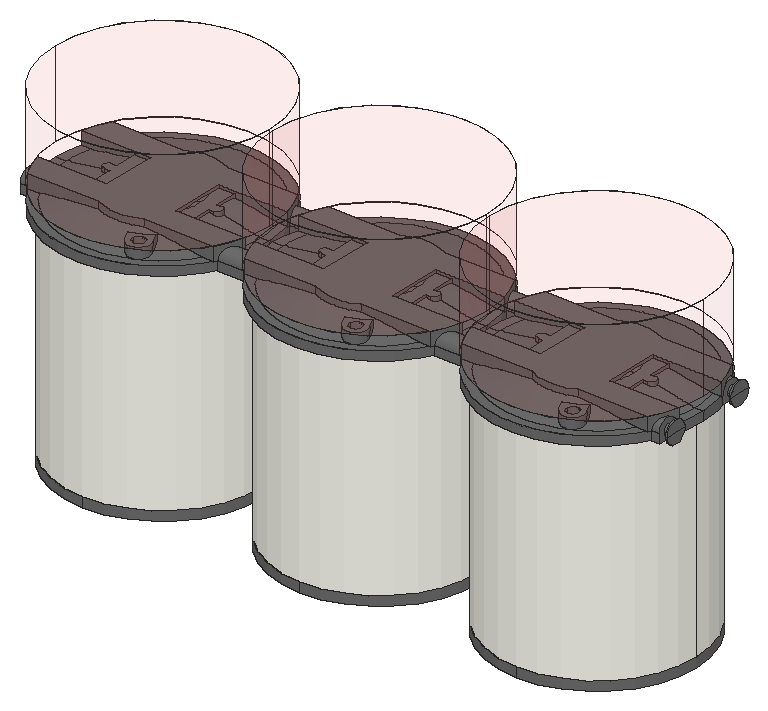
Revit family
Parameters (values of type "1500CSF")
  Watermarked By = "http://revitwatermark.com"
  Water_Ice Tank Volume = "4965 Gallons"
  Warning = "Ice tanks are a component in an ice storage system including chillers, pumps, and controls. Contact CALMAC for IceBank® selection support to make sure all system components will work together properly."
  URL = "http://www.calmac.com/"
  Total Cooling Capacity [instance] = 0.0 ton
  Tank Net Usable Capacity = "486 Ton-Hrs"
  Is Tank 3 Lid Visible = not(CTRL Off)  # yes
  Is Tank 3 Front Right Connector Visible = not(CTRL Off)  # yes
  Is Tank 3 Front Left Connector Visible = not(CTRL On)  # no
  Is Tank 3 Back Right Connector Visible = not(CTRL Off)  # yes
  Is Tank 3 Back Left Connector Visible = not(CTRL On)  # no
  Is Tank 2 Lid Visible = not(CTRL Off)  # yes
  Is Tank 2 Front Right Connector Visible = not(CTRL Off)  # yes
  Is Tank 2 Front Left Connector Visible = not(CTRL Off)  # yes
  Is Tank 2 Back Right Connector Visible = not(CTRL Off)  # yes
  Is Tank 2 Back Left Connector Visible = not(CTRL Off)  # yes
  Is Tank 1 Front Right Connector Visible = not(CTRL Off)  # yes
  Is Tank 1 Front Left Connector Visible = not(CTRL Off)  # yes
  Is Tank 1 Back Right Connector Visible = not(CTRL Off)  # yes
  Is Tank 1 Back Left Connector Visible = not(CTRL Off)  # yes
  Surface Finish = Plastic- Calmac- Black
  Supply Coolant Temperature [instance] = -459.67 °F
  Storage Inlet Temperature [instance] = 60 °F
  Shipping Weight = 6000.00 lbf
  Return Coolant Temperature [instance] = -459.67 °F
  Requires Plate Heat Exchanger [instance] = no
  Project/Customer = ""
  Product Page URL = "http://www.calmac.com/products/icebank.asp"
  Product Documentation Link = "http://www.calmac.com/products/documents/CS-52Model1500CSFAug2007.pdf"
  Pressure Drop [instance] = 0.00 psi
  Precool Hours [instance] = 0
  Pipe Material = Plastic- Calmac- Black
  Operating Weight = 50600.00 lbf
  Occupied Hours [instance] = 0
  Model = "1500C"
  Maximum Operating Temperature = "38°C"
  Maximum Operating Pressure = "620 kPa"
  Manufacturer e-mail = "info@Calmac.com"
  Manufacturer Contact Details = "CALMAC Manufacturing Corporation Headquarters, 3-00 Banta Place, Fair Lawn, NJ  07410, Tel: (201) 797-1511, Fax: (201) 797-1522"
  Manufacturer = "CALMAC Manufacturing Corp."  # constant formula
  Main Use [instance] = ""
  Location [instance] = ""
  Lid Diameter = 89"  # constant formula
  Leg 4 = 224"  # constant formula
  Leg 3 = 180"  # constant formula
  Leg 2 = 90"  # constant formula
  Leg 1 = 46"  # constant formula
  Latent Cooling Capacity [instance] = 0.0 ton
  Inlet Outlet Center Height = 96 1/2"  # constant formula
  Heat Exchanger Volume = "472 Gallons"
  Has Rigging Bar [instance] = no
  Has Plate and Frame Heat Exchanger [instance] = no
  Has Ice Inventory Meter [instance] = no
  Has Heat Transfer Fluid [instance] = no
  Has Glycol Management System [instance] = no
  Floor Loading Weight = "391 lb/sq.ft."
  Factory Tested Pressure = "1724 kPa"
  Diversity Factor [instance] = 0
  Discharge Rate [instance] = 0
  Discharge Hours [instance] = 0
  Description = "Off-Peak Cooling System"
  Is Clearance Box Visible [instance] = yes
  Clearance Box Height = 36"
  City/State [instance] = ""
  CTRL On = yes
  CTRL Off = not(CTRL On)  # no
  CTRL Hydronic Supply Description = "Hydronic Supply"  # constant formula
  CTRL Hydronic Return Description = "Hydronic Return"  # constant formula
  CTRL Base Radius = 41 3/8"  # constant formula
  Body Material = Plastic- Calmac- Off_White
  Has Solid Base [instance] = yes
  Is Tank 3 Visible = not(CTRL Off)  # yes
  Is Tank 2 Visible = not(CTRL Off)  # yes
  Base Height = Inlet Outlet Center Height - 3 3/4"  # 92 3/4"
  Base Finish = Plastic- Calmac- Black
  Assembly Code = "D3030300"
  Actual Chilled Water Flow [instance] = 0 GPM
Reference planes (in)
  plane 1 "Center (Front/Back)": y = 0
  plane 2 "Bottom": z = 0
  plane 3 "Center (Left/Right)": x = 0
  plane 4 "Left 2 Center (L/R)": x = -90
  plane 5 "Tank 3 Center (L/r)": x = -180
  plane 6 "T.O. Base": z = 92.75
  plane 7 "Inlet/Outlet Center (Elevation)": z = 96.5
  plane 8 "Right Connector Face": x = 46
  plane 9 "Tank 3 Left Connector Face": x = -224
  plane 10 "T2-T3": x = -135
  plane 11 "T1-T2": x = -45
  plane 12 "Front Connector Center (F/B)": y = -16.5
  plane 13 "Back Connector Center (F/B)": y = 16.5
  plane 14 "Back": y = 44.5
  plane 15 "Front": y = -44.5
  plane 16 "T.O. Lid": z = 102
  plane 17 "Top": z = 138
  plane 18 "Front of Tank": x = 44
Dimensions and locks (in)
  "Leg 2": plane 4 "Left 2 Center (L/R)" to nested 1
  "Leg 3": plane 5 "Tank 3 Center (L/r)" to nested 1
  locked: plane 7 "Inlet/Outlet Center (Elevation)" to plane 6 "T.O. Base" at 3.75
  "Inlet Outlet Center Height": plane 7 "Inlet/Outlet Center (Elevation)" to plane 2 "Bottom"
  "Leg 1": plane 3 "Center (Left/Right)" to plane 8 "Right Connector Face"
  "Leg 4": plane 9 "Tank 3 Left Connector Face" to plane 3 "Center (Left/Right)"
  locked: plane 1 "Center (Front/Back)" to plane 13 "Back Connector Center (F/B)" at 16.5
  locked: plane 12 "Front Connector Center (F/B)" to plane 1 "Center (Front/Back)" at 16.5
  locked: plane 1 "Center (Front/Back)" to plane 14 "Back" at 44.5
  locked: plane 15 "Front" to plane 1 "Center (Front/Back)" at 44.5
  plane 16 "T.O. Lid" to plane 7 "Inlet/Outlet Center (Elevation)" = 5 1/2"
  "Clearance Box Height": plane 17 "Top" to plane 16 "T.O. Lid"
  plane 9 "Tank 3 Left Connector Face" to plane 8 "Right Connector Face" = 270"
  locked: plane 5 "Tank 3 Center (L/r)" to plane 4 "Left 2 Center (L/R)" at 90
  locked: plane 4 "Left 2 Center (L/R)" to plane 3 "Center (Left/Right)" at 90
  locked: plane 18 "Front of Tank" to plane 8 "Right Connector Face" at 2
  plane 9 "Tank 3 Left Connector Face" to plane 18 "Front of Tank" = 268"
  plane 10 "T2-T3" to plane 4 "Left 2 Center (L/R)" to plane 11 "T1-T2" = 45" locked, 45" locked
  aligned and locked: plane 1 "Center (Front/Back)" to nested 1
  aligned and locked: plane 3 "Center (Left/Right)" to nested 1
  aligned and locked: plane 4 "Left 2 Center (L/R)" to nested 2
  aligned and locked: plane 1 "Center (Front/Back)" to nested 2
  aligned and locked: plane 5 "Tank 3 Center (L/r)" to nested 3
  aligned and locked: plane 1 "Center (Front/Back)" to nested 3
  aligned and locked: plane 6 "T.O. Base" to nested 4
  aligned: plane 5 "Tank 3 Center (L/r)" to nested 4
  aligned and locked: plane 1 "Center (Front/Back)" to nested 4
  aligned and locked: plane 1 "Center (Front/Back)" to nested 5
  aligned and locked: plane 4 "Left 2 Center (L/R)" to nested 5
  aligned and locked: plane 3 "Center (Left/Right)" to nested 6
  aligned and locked: plane 1 "Center (Front/Back)" to nested 6
  aligned and locked: plane 6 "T.O. Base" to nested 6
  aligned and locked: plane 6 "T.O. Base" to nested 5
  aligned: plane 6 "T.O. Base" to nested 3
  aligned and locked: nested 3 to nested 4
  aligned and locked: plane 2 "Bottom" to nested 3
  aligned and locked: plane 2 "Bottom" to nested 2
  aligned and locked: plane 2 "Bottom" to nested 1
  aligned and locked: nested 6 to nested 4
Nested families (in)
  nested 1: "Cooling_Plant_Accessories-Calmac-IceBank-Base" at (0, 0, 0), type "Base"
    with Is Symbolic Line Visible no, Has Solid Base yes, CTRL Inner Wall Radius 40 1/2", CTRL Base Radius 41 3/8", Base Height 92 3/4"
  nested 2: "Cooling_Plant_Accessories-Calmac-IceBank-Base" at (-90, 0, 0), visible <- "Is Tank 2 Visible", type "Base"
    with Is Symbolic Line Visible no, Has Solid Base yes, CTRL Inner Wall Radius 40 1/2", CTRL Base Radius 41 3/8", Base Height 92 3/4"
  nested 3: "Cooling_Plant_Accessories-Calmac-IceBank-Base" at (-180, 0, 0), visible <- "Is Tank 3 Visible", type "Base"
    with Is Symbolic Line Visible no, Has Solid Base yes, CTRL Inner Wall Radius 40 1/2", CTRL Base Radius 41 3/8", Base Height 92 3/4"
  nested 4: "Cooling_Plant_Accessories-Calmac-IceBank-Lid_C" at (-180, 0, 92.75), visible <- "Is Tank 3 Lid Visible", Is Front Right  Flanged Connector Visibility <- "CTRL Off", Is Front Left  Flanged Connector Visibility <- "Is Tank 3 Front Left Connector Visible", Is Clearance Box Visible <- "Is Clearance Box Visible", Is Back Right Flanged Connector Visibility <- "CTRL Off", Is Back Left  Flanged Connector Visibility <- "Is Tank 3 Back Left Connector Visible", Diameter <- "Lid Diameter", Clearance Box Height <- "Clearance Box Height", type "Lid-C"
    with Show Piping Insulation no, Is Front Right  Flanged Connector Visibility no, Is Front Left  Flanged Connector Visibility no, Is Clearance Box Visible yes, Is Back Right Flanged Connector Visibility no, Is Back Left  Flanged Connector Visibility no, Insulation Length Right 42 19/32", Insulation Length Left 42 19/32", Diameter 89", Connections Rear Cooling_Plant_Accessories-Calmac-IceBank-4-Inch Flanged Connection : Flange, Connections Front Cooling_Plant_Accessories-Calmac-IceBank-4-Inch Flanged Connection : No Flange, Clearance Box Height 36", CTRL Radius 44 1/2"
  nested 5: "Cooling_Plant_Accessories-Calmac-IceBank-Lid_C" at (-90, 0, 92.75), visible <- "Is Tank 2 Lid Visible", Clearance Box Height <- "Clearance Box Height", Is Front Right  Flanged Connector Visibility <- "CTRL Off", Is Front Left  Flanged Connector Visibility <- "CTRL Off", Is Clearance Box Visible <- "Is Clearance Box Visible", Is Back Right Flanged Connector Visibility <- "CTRL Off", Is Back Left  Flanged Connector Visibility <- "CTRL Off", Diameter <- "Lid Diameter", type "Lid-C"
    with Show Piping Insulation no, Is Front Right  Flanged Connector Visibility no, Is Front Left  Flanged Connector Visibility no, Is Clearance Box Visible yes, Is Back Right Flanged Connector Visibility no, Is Back Left  Flanged Connector Visibility no, Insulation Length Right 42 19/32", Insulation Length Left 42 19/32", Diameter 89", Connections Rear Cooling_Plant_Accessories-Calmac-IceBank-4-Inch Flanged Connection : No Flange, Connections Front Cooling_Plant_Accessories-Calmac-IceBank-4-Inch Flanged Connection : No Flange, Clearance Box Height 36", CTRL Radius 44 1/2"
  nested 6: "Cooling_Plant_Accessories-Calmac-IceBank-Lid_C" at (0, 0, 92.75), Clearance Box Height <- "Clearance Box Height", Diameter <- "Lid Diameter", Is Front Right  Flanged Connector Visibility <- "Is Tank 1 Front Right Connector Visible", Is Front Left  Flanged Connector Visibility <- "CTRL Off", Is Clearance Box Visible <- "Is Clearance Box Visible", Is Back Right Flanged Connector Visibility <- "Is Tank 1 Back Right Connector Visible", Is Back Left  Flanged Connector Visibility <- "CTRL Off", type "Lid-C"
    with Show Piping Insulation yes, Is Front Right  Flanged Connector Visibility yes, Is Front Left  Flanged Connector Visibility no, Is Clearance Box Visible yes, Is Back Right Flanged Connector Visibility yes, Is Back Left  Flanged Connector Visibility no, Insulation Length Right 42 19/32", Insulation Length Left 222 19/32", Diameter 89", Connections Rear Cooling_Plant_Accessories-Calmac-IceBank-4-Inch Flanged Connection : No Flange, Connections Front Cooling_Plant_Accessories-Calmac-IceBank-4-Inch Flanged Connection : Flange, Clearance Box Height 36", CTRL Radius 44 1/2"
Connectors (in)
  piping at (45.0007, 16.5, 96.5), driven by "CTRL Hydronic Supply Description", driven by "Actual Chilled Water Flow"
    settings: on nested 6, index 1, connector radius 2", flow factor 0, pipe flow 0 GPM, pressure drop 0.00 psi, fitting loss kfactor 0, connector angle 0.00°, fixture units 0, flow configuration 0, flow direction 2, fitting loss method 0, system type 7, connector reference index -1, connector utility 0, adjustable connector no, is connector primary yes, fitting loss table "", connector description "Hydronic Supply"
  piping at (45.0007, -16.5, 96.5), driven by "CTRL Hydronic Return Description", driven by "Actual Chilled Water Flow"
    settings: on nested 6, index 2, connector radius 2", flow factor 0, pipe flow 0 GPM, pressure drop 0.00 psi, fitting loss kfactor 0, connector angle 0.00°, fixture units 0, flow configuration 0, flow direction 1, fitting loss method 0, system type 8, connector reference index -1, connector utility 0, adjustable connector no, is connector primary no, fitting loss table "", connector description "Hydronic Return"
Definition of nested family "Cooling_Plant_Accessories-Calmac-IceBank-Base"
  Parameters (values of type "Base")
    Wall Thickness = 7/8"
    URL = "http://www.calmac.com/"
    Type Comments = ""
    Is Symbolic Line Visible = not(Has Solid Base)  # yes
    Has Solid Base = no
    Model = ""
    Manufacturer = "CALMAC Manufacturing Corp."  # constant formula
    CTRL Inner Wall Radius = CTRL Base Radius - Wall Thickness  # 36"
    CTRL Base Radius = 36 7/8"
    Body Material = Plastic- Calmac- Off_White
    Base Height = 43 5/16"
    Base Finish = Plastic- Calmac- Black
    Assembly Code = "D3030"
  Reference planes (in)
    plane 1 "Center (Front/Back)": y = 0
    plane 2 "Bottom": z = 0
    plane 3 "Center (Left/Right)": x = 0
    plane 4 "Back": y = 36.875
    plane 5 "Front": y = -36.875
    plane 6 "Right": x = 36.875
    plane 7 "Left": x = -36.875
    plane 8 "T.O. Base Plate": z = 4
    plane 9 "Right Edge of Right Void": x = 24.125
    plane 10 "Left Edge of Right Void": x = 13.125
    plane 11 "Left Edge of Left Void": x = -24.125
    plane 12 "Right Edge of Left Void": x = -13.125
    plane 13 "T.O. Base Void": z = 2
    plane 14 "T.O. Base": z = 43.3125
  Forms (in)
    Extrusion 1, solid, material "Plastic- Calmac- Black" <- "Base Finish", visible <- "Is Symbolic Line Visible", detail levels fine
      sketch origin (0, 0, 0) x (1, 0, 0) y (0, 1, 0)
        loop
          circle (0, 0) r 36.875
      from 0 to 4
    Extrusion 2, void
      sketch origin (0, 0, 0) x (1, 0, 0) y (0, 1, 0)
        loop
          line (-24.125, 36.875) -> (-24.125, -36.875) -> (-13.125, -36.875) -> (-13.125, 36.875) -> (-24.125, 36.875)
        loop
          line (13.125, 36.875) -> (13.125, -36.875) -> (24.125, -36.875) -> (24.125, 36.875) -> (13.125, 36.875)
      from 0 to 2
    Extrusion 3, solid, material "Plastic- Calmac- Off_White" <- "Body Material", detail levels fine
      sketch origin (0, 0, 0) x (1, 0, 0) y (0, 1, 0)
        loop
          circle (0, 0) r 36.875
        loop
          circle (0, 0) r 36
      from 4 to 43.3125
    Extrusion 4, solid, material "Plastic- Calmac- Black" <- "Base Finish", visible <- "Has Solid Base", detail levels fine
      sketch origin (0, 0, 43.3125) x (0, -1, 0) y (1, 0, 0)
        loop
          circle (0, 0) r 36.875
      from -43.3125 to -39.3125
  Cuts and joins
    Extrusion 2 cuts Extrusion 3
    Extrusion 2 cuts Extrusion 1
  Lines and regions (in)
    Masking region 1
      outline origin (0, 0, 0) x (1, 0, 0) y (0, 1, 0)
        loop
          circle (0, 0) r 36.875
    Masking region 2
      outline origin (0, 0, 0) x (1, 0, 0) y (0, 0, 1)
        loop
          line (-36.875, 0) -> (36.875, 0) -> (36.875, 43.3125) -> (-36.875, 43.3125) -> (-36.875, 0)
    Masking region 3
      outline origin (0, 0, 0) x (0, 1, 0) y (0, 0, 1)
        loop
          line (-36.875, 0) -> (36.875, 0) -> (36.875, 43.3125) -> (-36.875, 43.3125) -> (-36.875, 0)
    symbolic lines, style "Base", detail levels medium+fine
      curve 1: line (-36.875, 0, 4) -> (36.875, 0, 4)
      curve 8: line (0, -36.875, 4) -> (0, 36.875, 4)
    symbolic lines, style "Base", visible <- "Is Symbolic Line Visible", detail levels medium+fine
      curve 2: line (-24.125, 0, 0) -> (-24.125, 0, 2)
      curve 3: line (-24.125, 0, 2) -> (-13.125, 0, 2)
      curve 4: line (13.125, 0, 2) -> (24.125, 0, 2)
      curve 5: line (13.125, 0, 0) -> (13.125, 0, 2)
      curve 6: line (24.125, 0, 0) -> (24.125, 0, 2)
      curve 7: line (-13.125, 0, 0) -> (-13.125, 0, 2)
    model lines, style "Base", detail levels medium
      curve 9: circle (0, 0, 43.3125) r 36.875 normal (0, 0, 1)
      curve 10: circle (0, 0, 4) r 36.875 normal (0, 0, 1)
      curve 11: circle (0, 0, 0) r 36.875 normal (0, 0, 1)
      curve 12: line (36.875, 0, 0) -> (36.875, 0, 43.3125)
      curve 13: line (-36.875, 0, 0) -> (-36.875, 0, 43.3125)
      curve 14: line (0, -36.875, 0) -> (0, -36.875, 43.3125)
      curve 15: line (0, 36.875, 0) -> (0, 36.875, 43.3125)
    model lines, style "Base", detail levels coarse
      curve 16: line (0, 0, 0) -> (0, 0, 43.3125)
  Dimensions and locks (in)
    locked: plane 7 "Left" to plane 11 "Left Edge of Left Void" at 12.75
    locked: plane 7 "Left" to plane 12 "Right Edge of Left Void" at 23.75
    locked: plane 9 "Right Edge of Right Void" to plane 6 "Right" at 12.75
    locked: plane 10 "Left Edge of Right Void" to plane 6 "Right" at 23.75
    "CTRL Base Radius": plane 7 "Left" to plane 3 "Center (Left/Right)"
    "CTRL Base Radius": plane 3 "Center (Left/Right)" to plane 6 "Right"
    "CTRL Base Radius": plane 1 "Center (Front/Back)" to plane 4 "Back"
    "CTRL Base Radius": plane 5 "Front" to plane 1 "Center (Front/Back)"
    locked: plane 8 "T.O. Base Plate" to plane 2 "Bottom" at 4
    "Base Height": plane 14 "T.O. Base" to plane 2 "Bottom"
    locked: plane 13 "T.O. Base Void" to plane 2 "Bottom" at 2
    "CTRL Base Radius": radius of Extrusion 1 sketch curve
    "CTRL Base Radius": radius of Extrusion 3 sketch curve
    "CTRL Inner Wall Radius": radius of Extrusion 3 sketch curve
    "CTRL Base Radius": radius of Masking region 1 sketch curve
    "CTRL Base Radius": radius of curve 9
    "CTRL Base Radius": radius of curve 10
    "CTRL Base Radius": radius of curve 11
    "CTRL Base Radius": radius of Extrusion 4 sketch curve
    aligned and locked: plane 3 "Center (Left/Right)" to Extrusion 1 sketch curve
    aligned and locked: plane 1 "Center (Front/Back)" to Extrusion 1 sketch curve
    aligned and locked: Extrusion 1 to plane 2 "Bottom"
    aligned and locked: plane 8 "T.O. Base Plate" to Extrusion 1
    aligned and locked: plane 2 "Bottom" to Extrusion 1
    aligned and locked: Extrusion 2 sketch curve to plane 4 "Back"  (x2)
    aligned and locked: Extrusion 2 sketch curve to plane 12 "Right Edge of Left Void"
    aligned and locked: plane 11 "Left Edge of Left Void" to Extrusion 2 sketch curve
    aligned and locked: Extrusion 2 sketch curve to plane 5 "Front"  (x2)
    aligned and locked: Extrusion 2 sketch curve to plane 10 "Left Edge of Right Void"
    aligned and locked: Extrusion 2 sketch curve to plane 9 "Right Edge of Right Void"
    aligned and locked: plane 13 "T.O. Base Void" to Extrusion 2
    aligned and locked: Extrusion 2 to plane 2 "Bottom"
    aligned and locked: Extrusion 2 to plane 5 "Front"
    aligned and locked: plane 4 "Back" to Extrusion 2
    aligned and locked: Extrusion 2 to plane 13 "T.O. Base Void"  (x2)
    aligned and locked: plane 11 "Left Edge of Left Void" to Extrusion 2
    aligned and locked: plane 2 "Bottom" to Extrusion 2  (x2)
    aligned and locked: Extrusion 2 to plane 12 "Right Edge of Left Void"
    aligned and locked: plane 10 "Left Edge of Right Void" to Extrusion 2
    aligned and locked: Extrusion 2 to plane 9 "Right Edge of Right Void"
    aligned and locked: plane 3 "Center (Left/Right)" to Extrusion 3 sketch curve  (x2)
    aligned and locked: plane 1 "Center (Front/Back)" to Extrusion 3 sketch curve  (x2)
    aligned and locked: Extrusion 3 to plane 8 "T.O. Base Plate"
    aligned and locked: plane 14 "T.O. Base" to Extrusion 3
    aligned and locked: plane 3 "Center (Left/Right)" to Masking region 1 sketch curve
    aligned and locked: plane 1 "Center (Front/Back)" to Masking region 1 sketch curve
    aligned and locked: Masking region 2 sketch curve to plane 14 "T.O. Base"
    aligned and locked: plane 6 "Right" to Masking region 2 sketch curve
    aligned and locked: plane 2 "Bottom" to Masking region 2 sketch curve
    aligned and locked: Masking region 2 sketch curve to plane 7 "Left"
    aligned and locked: plane 7 "Left" to curve 1
    aligned and locked: plane 6 "Right" to curve 1
    aligned and locked: curve 1 to plane 8 "T.O. Base Plate"
    aligned and locked: plane 11 "Left Edge of Left Void" to curve 3
    aligned and locked: plane 12 "Right Edge of Left Void" to curve 3
    aligned and locked: curve 3 to plane 13 "T.O. Base Void"
    aligned and locked: plane 2 "Bottom" to curve 2
    aligned and locked: curve 2 to plane 11 "Left Edge of Left Void"
    aligned and locked: plane 10 "Left Edge of Right Void" to curve 4
    aligned and locked: plane 9 "Right Edge of Right Void" to curve 4
    aligned and locked: plane 13 "T.O. Base Void" to curve 5
    aligned and locked: plane 13 "T.O. Base Void" to curve 6
    aligned and locked: plane 2 "Bottom" to curve 5
    aligned and locked: curve 5 to plane 10 "Left Edge of Right Void"
    aligned and locked: curve 6 to plane 9 "Right Edge of Right Void"
    aligned and locked: plane 13 "T.O. Base Void" to curve 7
    aligned and locked: plane 2 "Bottom" to curve 7
    aligned and locked: curve 7 to plane 12 "Right Edge of Left Void"
    aligned and locked: plane 5 "Front" to Masking region 3 sketch curve
    aligned and locked: plane 14 "T.O. Base" to Masking region 3 sketch curve
    aligned and locked: Masking region 3 sketch curve to plane 4 "Back"
    aligned and locked: plane 2 "Bottom" to Masking region 3 sketch curve
    aligned and locked: plane 4 "Back" to curve 8
    aligned and locked: plane 5 "Front" to curve 8
    aligned and locked: curve 8 to plane 8 "T.O. Base Plate"
    aligned and locked: plane 3 "Center (Left/Right)" to curve 9
    aligned and locked: plane 1 "Center (Front/Back)" to curve 9
    aligned and locked: curve 9 to plane 14 "T.O. Base"
    aligned and locked: curve 10 to plane 8 "T.O. Base Plate"
    aligned and locked: plane 3 "Center (Left/Right)" to curve 10
    aligned and locked: plane 1 "Center (Front/Back)" to curve 10
    aligned: curve 11 to plane 2 "Bottom"
    aligned and locked: plane 3 "Center (Left/Right)" to curve 11
    aligned and locked: plane 1 "Center (Front/Back)" to curve 11
    aligned and locked: plane 14 "T.O. Base" to curve 12
    aligned and locked: plane 14 "T.O. Base" to curve 13
    aligned and locked: plane 2 "Bottom" to curve 12
    aligned and locked: plane 2 "Bottom" to curve 13
    aligned and locked: curve 12 to plane 6 "Right"
    aligned and locked: curve 13 to plane 7 "Left"
    aligned and locked: curve 12 to plane 1 "Center (Front/Back)"
    aligned and locked: curve 13 to plane 1 "Center (Front/Back)"
    aligned and locked: plane 14 "T.O. Base" to curve 14
    aligned and locked: plane 14 "T.O. Base" to curve 15
    aligned and locked: plane 2 "Bottom" to curve 14
    aligned and locked: plane 2 "Bottom" to curve 15
    aligned and locked: plane 4 "Back" to curve 15
    aligned and locked: plane 5 "Front" to curve 14
    aligned and locked: plane 3 "Center (Left/Right)" to curve 14
    aligned and locked: plane 3 "Center (Left/Right)" to curve 15
    aligned and locked: plane 14 "T.O. Base" to curve 16
    aligned and locked: plane 2 "Bottom" to curve 16
    aligned and locked: plane 3 "Center (Left/Right)" to curve 16
    aligned and locked: curve 16 to plane 1 "Center (Front/Back)"
    aligned and locked: plane 1 "Center (Front/Back)" to Extrusion 4 sketch curve
    aligned and locked: plane 3 "Center (Left/Right)" to Extrusion 4 sketch curve
    aligned and locked: plane 8 "T.O. Base Plate" to Extrusion 4
    aligned and locked: Extrusion 4 to plane 2 "Bottom"
  Automatic sketch dimensions
    curve 6 to level = 0"
Definition of nested family "Cooling_Plant_Accessories-Calmac-IceBank-Lid_C"
  Parameters (values of type "Lid-C")
    Surface Finish = Plastic- Calmac- Black
    Show Piping Insulation [instance] = yes
    Insulation Length Right [instance] = 42 19/32"
    Insulation Length Left [instance] = 42 19/32"
    Connections Rear [instance] = Cooling_Plant_Accessories-Calmac-IceBank-4-Inch Flanged Connection : Flange
    Pipe Material = Plastic- Calmac- Black
    Is Front Right  Flanged Connector Visibility [instance] = yes
    Is Front Left  Flanged Connector Visibility [instance] = yes
    Connections Front [instance] = Cooling_Plant_Accessories-Calmac-IceBank-4-Inch Flanged Connection : Flange
    Diameter [instance] = 88 5/8"
    Is Clearance Box Visible [instance] = yes
    Clearance Box Height [instance] = 36"
    CTRL Radius [instance] = Diameter / 2  # 44 5/16"
    Is Back Right Flanged Connector Visibility [instance] = yes
    Is Back Left  Flanged Connector Visibility [instance] = yes
  Reference planes (in)
    plane 1 "Center (Front/Back)": y = 0
    plane 2 "Bottom": z = 0
    plane 3 "Center (Left/Right)": x = 0
    plane 4 "Back": y = 44.315
    plane 5 "Back Connector Back": y = 20.75
    plane 6 "Back Connector Center": y = 16.5
    plane 7 "Back Connector Front": y = 12.25
    plane 8 "Piping Back": y = 21.88647
    plane 9 "Rigging Back": y = 11.25
    plane 10 "Rigging Loop Back": y = 2
    plane 11 "Top Back Edge": y = 24
    plane 12 "Back Inset": y = 40.5
    plane 13 "Back Bolt Front": y = 41.313
    plane 14 "Front": y = -44.315
    plane 15 "Front Connection Front": y = -20.75
    plane 16 "Fron Connector Center": y = -16.5
    plane 17 "Front Connector Back": y = -12.25
    plane 18 "Piping Front": y = -21.88647
    plane 19 "Rigging Front": y = -11.25
    plane 20 "Rigging Loop Front": y = -2
    plane 21 "Top Front Edge": y = -24
    plane 22 "Front Inset": y = -40.5
    plane 23 "Pad Eye Back Right": y = -25.81593
    plane 24 "Pad Eye Back Left Offset": y = -29.90257
    plane 25 "Pad Eye Hole": y = -34.65277
    plane 26 "Pad Eye Back Left": y = -29.72849
    plane 27 "Pad Eye Front Center": y = -36.16371
    plane 28 "Left Connection": x = -44.04297
    plane 29 "Left": x = -44.31273
    plane 30 "Left Lip Inset": x = -40.49773
    plane 31 "Left Rigging Loop Left": x = -24.67173
    plane 32 "Left Rigging Loop Inset": x = -21.42181
    plane 33 "Left Rigging Loop Right": x = -20.67011
    plane 34 "Left Rigging Right": x = -14.19546
    plane 35 "Top Left": x = -9.54335
    plane 36 "Right Connection": x = 44.04297
    plane 37 "Right": x = 44.31273
    plane 38 "Lid Inset Right": x = 40.49773
    plane 39 "Right Rigging Loop Right": x = 24.67173
    plane 40 "Right Rigging Loop Inset": x = 21.42181
    plane 41 "Right Rigging Loop Left": x = 20.67011
    plane 42 "Right Rigging Left": x = 14.19546
    plane 43 "Top Right": x = 9.54335
    plane 44 "Connection Sleeve Left": x = -42.58273
    plane 45 "Connection Sleeve Right": x = 42.58273
    plane 46 "Right Center": x = 17.8202
    plane 47 "Bolt Inset Right": x = 1.00017
    plane 48 "Bolt Inset Left": x = -1.00017
    plane 49 "Bolt Inset Center": y = 42.31422
    plane 50 "Top Left Inset": x = -38.53052
    plane 51 "Top Right Inset": x = 38.53052
    plane 52 "Right Side Chanel": x = 42.86089
    plane 53 "Left Side Channel": x = -42.86089
    plane 54 "Top of Clearance Box": z = 45.25
    plane 55 "Top": z = 9.25
    plane 56 "Connector Channel Top": z = 8
    plane 57 "Center (Elevation)": z = 3.75
    plane 58 "Front Inset 2": y = -36.85443
    plane 59 "Flange Right": x = 46.0007
    plane 60 "Insulation - Right": x = 42.59375
    plane 61 "Insulation - Left": x = -42.59375
    plane 62 "Flange Left": x = -46.01172
    plane 63: x = 46.01172
  Forms (in)
    Revolve 1, solid, material "Plastic- Calmac- Black" <- "Surface Finish", detail levels fine
      sketch origin (0, 0, 0) x (1, 0, 0) y (0, 0, 1)
        loop
          line (0, 9) -> (0, 0) -> (44.31273, 0) -> (44.31273, 3.75) -> (40.49773, 3.75) -> (9.54335, 9) -> (0, 9)
        axis (0, 9) -> (0, 0)
      angle from 0 to 360
    Extrusion 2, solid, material "Plastic- Calmac- Black" <- "Surface Finish", detail levels fine
      sketch origin (0, 0, 0) x (1, 0, 0) y (0, 1, 0)
        loop
          arc (-38.53052, 21.88647) -> (-41.04173, 16.70911) -> (-42.86089, 11.25) r 44.31273
          line (-42.86089, 11.25) -> (-14.19546, 11.25) -> (-14.19546, -11.25) -> (-42.86089, -11.25)
          arc (-42.86089, -11.25) -> (-41.04173, -16.70911) -> (-38.53052, -21.88647) r 44.31273
          line (-38.53052, -21.88647) -> (-9.54335, -21.88647)
          arc (-9.54335, -21.88647) -> (0, -24) -> (9.54335, -21.88647) r 22.60261
          line (9.54335, -21.88647) -> (38.53052, -21.88647)
          arc (38.53052, -21.88647) -> (41.04173, -16.70911) -> (42.86089, -11.25) r 44.31273
          line (42.86089, -11.25) -> (14.19546, -11.25) -> (14.19546, 11.25) -> (42.86089, 11.25)
          arc (42.86089, 11.25) -> (41.04173, 16.70911) -> (38.53052, 21.88647) r 44.31273
          line (38.53052, 21.88647) -> (9.54335, 21.88647)
          arc (9.54335, 21.88647) -> (0, 24) -> (-9.54335, 21.88647) r 22.60261
          line (-9.54335, 21.88647) -> (-38.53052, 21.88647)
      from 3.75 to 9.25
    Extrusion 3, solid, material "Plastic- Calmac- Black" <- "Surface Finish", visible <- "Show Piping Insulation", detail levels fine
      sketch origin (0, 0, 0) x (0, 1, 0) y (0, 0, 1)
        loop
          arc (20.75, 3.75) -> (16.5, 8) -> (12.25, 3.75) r 4.25
          line (12.25, 3.75) -> (12.25, 0) -> (20.75, 0) -> (20.75, 3.75)
        loop
          arc (-12.25, 3.75) -> (-16.5, 8) -> (-20.75, 3.75) r 4.25
          line (-20.75, 3.75) -> (-20.75, 0) -> (-12.25, 0) -> (-12.25, 3.75)
      from -42.59375 to 42.59375
    Extrusion 4, solid, material "Plastic- Calmac- Black" <- "Surface Finish", detail levels fine
      sketch origin (0, 0, 0) x (1, 0, 0) y (0, 1, 0)
        loop
          circle (15.75299, -32.19443) r 2.46875
        loop
          arc (17.70624, -25.58301) -> (13.67455, -27.9461) -> (9.33437, -29.67863) r 31.11
          line (9.33437, -29.67863) -> (11.56709, -34.24232)
          arc (11.56709, -34.24232) -> (17.80089, -36.38032) -> (19.93889, -30.14653) r 4.66
          line (19.93889, -30.14653) -> (17.70624, -25.58301)
      from 3.75 to 8
    Extrusion 5, solid, material "Plastic- Calmac- Black" <- "Surface Finish", detail levels fine
      sketch origin (0, 0, 0) x (1, 0, 0) y (0, 1, 0)
        loop
          line (-20.67011, 11.25) -> (-20.67011, 2) -> (-22.67173, 2)
          arc (-22.67173, 2) -> (-24.67173, 0) -> (-22.67173, -2) r 2
          line (-22.67173, -2) -> (-20.67011, -2) -> (-20.67011, -11.25) -> (-14.19546, -11.25) -> (-14.19546, 11.25) -> (-20.67011, 11.25)
        loop
          line (20.67011, 2) -> (20.67011, 11.25) -> (14.19546, 11.25) -> (14.19546, -11.25) -> (20.67011, -11.25) -> (20.67011, -2) -> (22.67548, -2)
          arc (22.67548, -2) -> (24.67548, 0) -> (22.67548, 2) r 2
          line (22.67548, 2) -> (20.67011, 2)
      from 3.75 to 8
  Cuts and joins
    joined: Revolve 1, Extrusion 2, Extrusion 4, Extrusion 5
  Lines and regions (in)
    Masking region 1
      outline origin (0, 0, 0) x (1, 0, 0) y (0, 0, 1)
        loop
          line (-44.31273, 9.25) -> (-44.31273, 0) -> (44.31273, 0) -> (44.31273, 9.25) -> (-44.31273, 9.25)
    Masking region 2
      outline origin (0, 0, 0) x (0, 1, 0) y (0, 0, 1)
        loop
          line (44.315, 3.75) -> (40.5, 3.75) -> (24, 6.54801) -> (24, 9.25) -> (-24, 9.25) -> (-24, 6.54801) -> (-25.58301, 6.26888) -> (-25.58301, 8) -> (-36.85443, 8) -> (-36.85443, 4.39281) -> (-40.5, 3.75) -> (-44.315, 3.75) -> (-44.315, 0) -> (44.315, 0) -> (44.315, 3.75)
    Masking region 3
      outline origin (0, 0, 3.75) x (-1, 0, 0) y (0, -1, 0)
        loop
          circle (0, 0) r 44.31273
    Masking region 4, visible <- "Show Piping Insulation"
      outline origin (0, 0, 9) x (-1, 0, 0) y (0, -1, 0)
        loop
          line (42.59375, -20.75) -> (42.59375, -12.25) -> (-42.59375, -12.25) -> (-42.59375, -20.75) -> (42.59375, -20.75)
        loop
          line (42.59375, 12.25) -> (42.59375, 20.75) -> (-42.59375, 20.75) -> (-42.59375, 12.25) -> (42.59375, 12.25)
    Masking region 5, visible <- "Show Piping Insulation"
      outline origin (0, 0, 0) x (1, 0, 0) y (0, 0, 1)
        loop
          line (-42.59375, 8) -> (-42.59375, 0) -> (42.59375, 0) -> (42.59375, 8) -> (-42.59375, 8)
    symbolic lines, detail levels fine
      curve 1: line (1.00017, 44.315, 3.75) -> (1.00017, 42.31422, 3.75)
      curve 2: line (-1.00017, 44.315, 3.75) -> (-1.00017, 42.31422, 3.75)
      curve 3: arc (-1.00017, 42.31422, 3.75) -> (0, 41.31405, 3.75) -> (1.00017, 42.31422, 3.75) r 1.00017
      curve 4: line (10.83611, 42.98137, 3.75) -> (10.39089, 41.03076, 3.75)
      curve 5: line (8.88592, 43.42649, 3.75) -> (8.44071, 41.47588, 3.75)
      curve 6: arc (8.44071, 41.47588, 3.75) -> (9.19324, 40.27822, 3.75) -> (10.39089, 41.03076, 3.75) r 1.00017
      curve 7: line (-8.88592, 43.42649, 3.75) -> (-8.44071, 41.47588, 3.75)
      curve 8: line (-10.83611, 42.98137, 3.75) -> (-10.39089, 41.03076, 3.75)
      curve 9: arc (-10.39089, 41.03076, 3.75) -> (-9.19324, 40.27822, 3.75) -> (-8.44071, 41.47588, 3.75) r 1.00017
      curve 10: line (-18.32644, 40.36039, 3.75) -> (-17.45833, 38.55775, 3.75)
      curve 11: line (-20.12868, 39.49248, 3.75) -> (-19.26058, 37.68984, 3.75)
      curve 12: arc (-19.26058, 37.68984, 3.75) -> (-17.9255, 37.22267, 3.75) -> (-17.45833, 38.55775, 3.75) r 1.00017
      curve 13: line (-26.84799, 35.27046, 3.75) -> (-25.60052, 33.70619, 3.75)
      curve 14: line (-28.41192, 34.02327, 3.75) -> (-27.16445, 32.45899, 3.75)
      curve 15: arc (-27.16445, 32.45899, 3.75) -> (-25.75889, 32.30063, 3.75) -> (-25.60052, 33.70619, 3.75) r 1.00017
      curve 16: line (-34.02327, 28.41192, 3.75) -> (-32.45899, 27.16445, 3.75)
      curve 17: line (-35.27046, 26.84799, 3.75) -> (-33.70619, 25.60052, 3.75)
      curve 18: arc (-33.70619, 25.60052, 3.75) -> (-32.30063, 25.75889, 3.75) -> (-32.45899, 27.16445, 3.75) r 1.00017
      curve 19: line (-42.98137, 10.83611, 3.75) -> (-41.03076, 10.39089, 3.75)
      curve 20: line (-43.42649, 8.88592, 3.75) -> (-41.47588, 8.44071, 3.75)
      curve 21: arc (-41.47588, 8.44071, 3.75) -> (-40.27822, 9.19324, 3.75) -> (-41.03076, 10.39089, 3.75) r 1.00017
      curve 22: line (-44.315, 1.00017, 3.75) -> (-42.31422, 1.00017, 3.75)
      curve 23: line (-44.315, -1.00017, 3.75) -> (-42.31422, -1.00017, 3.75)
      curve 24: arc (-42.31422, -1.00017, 3.75) -> (-41.31405, 0, 3.75) -> (-42.31422, 1.00017, 3.75) r 1.00017
      curve 25: line (-43.42649, -8.88592, 3.75) -> (-41.47588, -8.44071, 3.75)
      curve 26: line (-42.98137, -10.83611, 3.75) -> (-41.03076, -10.39089, 3.75)
      curve 27: arc (-41.03076, -10.39089, 3.75) -> (-40.27822, -9.19324, 3.75) -> (-41.47588, -8.44071, 3.75) r 1.00017
      curve 28: line (-35.27046, -26.84799, 3.75) -> (-33.70619, -25.60052, 3.75)
      curve 29: line (-34.02327, -28.41192, 3.75) -> (-32.45899, -27.16445, 3.75)
      curve 30: arc (-32.45899, -27.16445, 3.75) -> (-32.30063, -25.75889, 3.75) -> (-33.70619, -25.60052, 3.75) r 1.00017
      curve 31: line (-28.41192, -34.02327, 3.75) -> (-27.16445, -32.45899, 3.75)
      curve 32: line (-26.84799, -35.27046, 3.75) -> (-25.60052, -33.70619, 3.75)
      curve 33: arc (-25.60052, -33.70619, 3.75) -> (-25.75889, -32.30063, 3.75) -> (-27.16445, -32.45899, 3.75) r 1.00017
      curve 34: line (-20.12868, -39.49248, 3.75) -> (-19.26058, -37.68984, 3.75)
      curve 35: line (-18.32644, -40.36039, 3.75) -> (-17.45833, -38.55775, 3.75)
      curve 36: arc (-17.45833, -38.55775, 3.75) -> (-17.9255, -37.22267, 3.75) -> (-19.26058, -37.68984, 3.75) r 1.00017
      curve 37: line (-10.83611, -42.98137, 3.75) -> (-10.39089, -41.03076, 3.75)
      curve 38: line (-8.88592, -43.42649, 3.75) -> (-8.44071, -41.47588, 3.75)
      curve 39: arc (-8.44071, -41.47588, 3.75) -> (-9.19324, -40.27822, 3.75) -> (-10.39089, -41.03076, 3.75) r 1.00017
      curve 40: line (-1.00017, -44.315, 3.75) -> (-1.00017, -42.31422, 3.75)
      curve 41: line (1.00017, -44.315, 3.75) -> (1.00017, -42.31422, 3.75)
      curve 42: arc (1.00017, -42.31422, 3.75) -> (0, -41.31405, 3.75) -> (-1.00017, -42.31422, 3.75) r 1.00017
      curve 43: line (8.88592, -43.42649, 3.75) -> (8.44071, -41.47588, 3.75)
      curve 44: line (10.83611, -42.98137, 3.75) -> (10.39089, -41.03076, 3.75)
      curve 45: arc (10.39089, -41.03076, 3.75) -> (9.19324, -40.27822, 3.75) -> (8.44071, -41.47588, 3.75) r 1.00017
      curve 46: line (18.32644, -40.36039, 3.75) -> (17.45833, -38.55775, 3.75)
      curve 47: line (20.12868, -39.49248, 3.75) -> (19.26058, -37.68984, 3.75)
      curve 48: arc (19.26058, -37.68984, 3.75) -> (17.9255, -37.22267, 3.75) -> (17.45833, -38.55775, 3.75) r 1.00017
      curve 49: line (26.84799, -35.27046, 3.75) -> (25.60052, -33.70619, 3.75)
      curve 50: line (28.41192, -34.02327, 3.75) -> (27.16445, -32.45899, 3.75)
      curve 51: arc (27.16445, -32.45899, 3.75) -> (25.75889, -32.30063, 3.75) -> (25.60052, -33.70619, 3.75) r 1.00017
      curve 52: line (34.02327, -28.41192, 3.75) -> (32.45899, -27.16445, 3.75)
      curve 53: line (35.27046, -26.84799, 3.75) -> (33.70619, -25.60052, 3.75)
      curve 54: arc (33.70619, -25.60052, 3.75) -> (32.30063, -25.75889, 3.75) -> (32.45899, -27.16445, 3.75) r 1.00017
      curve 55: line (42.98137, -10.83611, 3.75) -> (41.03076, -10.39089, 3.75)
      curve 56: line (43.42649, -8.88592, 3.75) -> (41.47588, -8.44071, 3.75)
      curve 57: arc (41.47588, -8.44071, 3.75) -> (40.27822, -9.19324, 3.75) -> (41.03076, -10.39089, 3.75) r 1.00017
      curve 58: line (44.315, -1.00017, 3.75) -> (42.31422, -1.00017, 3.75)
      curve 59: line (44.315, 1.00017, 3.75) -> (42.31422, 1.00017, 3.75)
      curve 60: arc (42.31422, 1.00017, 3.75) -> (41.31405, 0, 3.75) -> (42.31422, -1.00017, 3.75) r 1.00017
      curve 61: line (43.42649, 8.88592, 3.75) -> (41.47588, 8.44071, 3.75)
      curve 62: line (42.98137, 10.83611, 3.75) -> (41.03076, 10.39089, 3.75)
      curve 63: arc (41.03076, 10.39089, 3.75) -> (40.27822, 9.19324, 3.75) -> (41.47588, 8.44071, 3.75) r 1.00017
      curve 64: line (35.27046, 26.84799, 3.75) -> (33.70619, 25.60052, 3.75)
      curve 65: line (34.02327, 28.41192, 3.75) -> (32.45899, 27.16445, 3.75)
      curve 66: arc (32.45899, 27.16445, 3.75) -> (32.30063, 25.75889, 3.75) -> (33.70619, 25.60052, 3.75) r 1.00017
      curve 67: line (28.41192, 34.02327, 3.75) -> (27.16445, 32.45899, 3.75)
      curve 68: line (26.84799, 35.27046, 3.75) -> (25.60052, 33.70619, 3.75)
      curve 69: arc (25.60052, 33.70619, 3.75) -> (25.75889, 32.30063, 3.75) -> (27.16445, 32.45899, 3.75) r 1.00017
      curve 70: line (20.12868, 39.49248, 3.75) -> (19.26058, 37.68984, 3.75)
      curve 71: line (18.32644, 40.36039, 3.75) -> (17.45833, 38.55775, 3.75)
      curve 72: arc (17.45833, 38.55775, 3.75) -> (17.9255, 37.22267, 3.75) -> (19.26058, 37.68984, 3.75) r 1.00017
    symbolic lines, style "Thermal Energy Storage", detail levels medium+fine
      curve 73: arc (0, 20.75, 3.75) -> (0, 16.5, 8) -> (0, 12.25, 3.75) r 4.25
      curve 74: line (0, 20.75, 0) -> (0, 20.75, 3.75)
      curve 75: line (0, 12.25, 3.75) -> (0, 12.25, 0)
      curve 77: line (0, 21.88647, 3.75) -> (0, 21.88647, 9.25)
      curve 78: line (0, 21.88647, 3.75) -> (0, 40.5, 3.75)
      curve 80: line (0, -11.25, 3.75) -> (0, -11.25, 9.25)
      curve 86: line (0, 11.25, 9.25) -> (0, 11.25, 3.75)
      curve 87: line (0, 11.25, 3.75) -> (0, -11.25, 3.75)
      curve 88: arc (0, -12.25, 3.75) -> (0, -16.5, 8) -> (0, -20.75, 3.75) r 4.25
      curve 89: line (0, -12.25, 0) -> (0, -12.25, 3.75)
      curve 90: line (0, -20.75, 3.75) -> (0, -20.75, 0)
      curve 95: line (0, -21.88647, 9.25) -> (0, -21.88647, 3.75)
      curve 96: line (0, -21.88647, 3.75) -> (0, -40.49773, 3.75)
      curve 97: line (-38.53052, 0, 3.75) -> (38.53052, 0, 3.75)
      curve 99: line (-38.53052, 0, 3.75) -> (-38.53052, 0, 9.25)
      curve 109: line (38.53052, 0, 3.75) -> (38.53052, 0, 9.25)
      curve 111: line (-9.54335, 21.88647, 3.75) -> (-38.53052, 21.88647, 3.75)
      curve 112: arc (-38.53052, 21.88647, 3.75) -> (-41.04173, 16.70911, 3.75) -> (-42.86089, 11.25, 3.75) r 44.31273
      curve 113: line (-42.86089, 11.25, 3.75) -> (-14.19546, 11.25, 3.75)
      curve 114: line (-14.19546, 11.25, 3.75) -> (-14.19546, -11.25, 3.75)
      curve 115: line (-14.19546, -11.25, 3.75) -> (-42.86089, -11.25, 3.75)
      curve 116: arc (-42.86089, -11.25, 3.75) -> (-41.04173, -16.70911, 3.75) -> (-38.53052, -21.88647, 3.75) r 44.31273
      curve 117: line (-38.53052, -21.88647, 3.75) -> (-9.54335, -21.88647, 3.75)
      curve 118: arc (-9.54335, -21.88647, 3.75) -> (0, -24, 3.75) -> (9.54335, -21.88647, 3.75) r 22.60261
      curve 119: line (9.54335, -21.88647, 3.75) -> (38.53052, -21.88647, 3.75)
      curve 120: arc (38.53052, -21.88647, 3.75) -> (41.04173, -16.70911, 3.75) -> (42.86089, -11.25, 3.75) r 44.31273
      curve 121: line (42.86089, -11.25, 3.75) -> (14.19546, -11.25, 3.75)
      curve 122: line (14.19546, -11.25, 3.75) -> (14.19546, 11.25, 3.75)
      curve 123: line (14.19546, 11.25, 3.75) -> (42.86089, 11.25, 3.75)
      curve 124: arc (42.86089, 11.25, 3.75) -> (41.04173, 16.70911, 3.75) -> (38.53052, 21.88647, 3.75) r 44.31273
      curve 125: line (38.53052, 21.88647, 3.75) -> (9.54335, 21.88647, 3.75)
      curve 126: arc (9.54335, 21.88647, 3.75) -> (0, 24, 3.75) -> (-9.54335, 21.88647, 3.75) r 22.60261
      curve 155: arc (-34.07417, -21.88647, 3.75) -> (0, -40.51236, 3.75) -> (34.07417, -21.88647, 3.75) r 40.48056
      curve 156: arc (-38.90378, -11.25, 3.75) -> (-40.49773, 0, 3.75) -> (-38.90378, 11.25, 3.75) r 40.49773
      curve 157: arc (-34.07417, 21.88647, 3.75) -> (0, 40.5, 3.75) -> (34.07417, 21.88647, 3.75) r 40.49507
      curve 158: arc (38.90378, 11.25, 3.75) -> (40.49773, 0, 3.75) -> (38.90378, -11.25, 3.75) r 40.49773
    symbolic lines, style "Thermal Energy Storage", detail levels fine
      curve 76: line (0, 24, 6.54801) -> (0, 21.87678, 6.54801)
      curve 79: arc (0, -2, 7.09716) -> (0, -6.62882, 6.93697) -> (0, -11.25, 6.62646) r 142.52273
      curve 81: line (0, -11.25, 8) -> (0, -2, 8)
      curve 82: line (0, -2, 8) -> (0, -2, 6.75604)
      curve 83: arc (0, 11.25, 6.62646) -> (0, 6.62882, 6.93697) -> (0, 2, 7.09716) r 142.52273
      curve 84: line (0, 2, 6.75593) -> (0, 2, 8)
      curve 85: line (0, 2, 8) -> (0, 11.25, 8)
      curve 91: line (0, -36.85495, 4.39272) -> (0, -25.60206, 6.37691)
      curve 92: line (0, -24, 6.54801) -> (0, -21.9107, 6.54801)
      curve 93: spline (0, -1.99864, 6.75604) -> (0, -1.98159, 6.71429) -> (0, -1.93074, 6.67324) -> (0, -1.84694, 6.63358) -> (0, -1.73161, 6.59599) -> (0, -1.58672, 6.56109) -> (0, -1.4147, 6.52948) -> (0, -1.21849, 6.50169) -> (0, -1.0014, 6.4782) -> (0, -0.7671, 6.45941) -> (0, -0.51958, 6.44563) -> (0, -0.26302, 6.43709) -> (0, -0.00177, 6.43395)
      curve 94: spline (0, -0.00177, 6.43395) -> (0, 0.25981, 6.43472) -> (0, 0.51674, 6.44125) -> (0, 0.76466, 6.45344) -> (0, 0.99936, 6.47108) -> (0, 1.21686, 6.49387) -> (0, 1.41346, 6.52142) -> (0, 1.58583, 6.55326) -> (0, 1.73103, 6.58885) -> (0, 1.84661, 6.62759) -> (0, 1.93059, 6.66882) -> (0, 1.98156, 6.71185) -> (0, 1.99865, 6.75593)
      curve 98: spline (9.33437, 0, 6.56806) -> (7.83355, 0, 6.56193) -> (6.29236, 0, 6.55689) -> (4.71875, 0, 6.55296) -> (3.12081, 0, 6.55016) -> (1.50679, 0, 6.54851) -> (-0.115, 0, 6.54801) -> (-1.73619, 0, 6.54867) -> (-3.34844, 0, 6.55049) -> (-4.94343, 0, 6.55345) -> (-6.51294, 0, 6.55754) -> (-8.04888, 0, 6.56273) -> (-9.54335, 0, 6.56901)
      curve 100: line (9.33437, 0, 5.34188) -> (9.33437, 0, 8)
      curve 101: line (20.41299, 0, 8) -> (9.33437, 0, 8)
      curve 102: line (9.54335, 0, 8) -> (9.54335, 0, 9)
      curve 103: line (20.41299, 0, 8) -> (20.41299, 0, 4.17536)
      curve 104: line (9.33437, 0, 5.34188) -> (11.56709, 0, 4.48854)
      curve 105: arc (11.56709, 0, 4.48854) -> (14.16986, 0, 3.94334) -> (16.82208, 0, 3.75) r 19.90238
      curve 106: arc (20.41299, 0, 4.17536) -> (20.37233, 0, 4.0464) -> (20.26505, 0, 3.96408) r 0.22484
      curve 107: line (18.16352, 0, 3.75) -> (20.26505, 0, 3.96408)
      curve 108: line (20.41299, 0, 5.54906) -> (33.00047, 0, 3.75)
      curve 110: line (-9.54335, 0, 6.56901) -> (-34.07417, 0, 3.75)
      curve 127: line (20.67011, 2, 3.75) -> (20.67011, 11.25, 3.75)
      curve 128: line (20.67011, 11.25, 3.75) -> (14.19546, 11.25, 3.75)
      curve 129: line (14.19546, 11.25, 3.75) -> (14.19546, 6.07162, 3.75)
      curve 130: arc (14.19546, 6.07162, 3.75) -> (15.12523, 3.09887, 3.75) -> (15.43942, 0, 3.75) r 15.43942
      curve 131: arc (15.43942, 0, 3.75) -> (15.12523, -3.09887, 3.75) -> (14.19546, -6.07162, 3.75) r 15.43942
      curve 132: line (14.19546, -6.07162, 3.75) -> (14.19546, -11.25, 3.75)
      curve 133: line (14.19546, -11.25, 3.75) -> (20.67011, -11.25, 3.75)
      curve 134: line (20.67011, -11.25, 3.75) -> (20.67011, -2, 3.75)
      curve 135: line (20.67011, -2, 3.75) -> (22.67548, -2, 3.75)
      curve 136: arc (22.67548, -2, 3.75) -> (24.67548, 0, 3.75) -> (22.67548, 2, 3.75) r 2
      curve 137: line (22.67548, 2, 3.75) -> (20.67011, 2, 3.75)
      curve 138: line (-20.67011, 11.25, 3.75) -> (-20.67011, 2, 3.75)
      curve 139: line (-20.67011, 2, 3.75) -> (-22.67173, 2, 3.75)
      curve 140: arc (-22.67173, 2, 3.75) -> (-24.67173, 0, 3.75) -> (-22.67173, -2, 3.75) r 2
      curve 141: line (-22.67173, -2, 3.75) -> (-20.67011, -2, 3.75)
      curve 142: line (-20.67011, -2, 3.75) -> (-20.67011, -11.25, 3.75)
      curve 143: line (-20.67011, -11.25, 3.75) -> (-14.19546, -11.25, 3.75)
      curve 144: line (-14.19546, -11.25, 3.75) -> (-14.19546, -6.07162, 3.75)
      curve 145: arc (-14.19546, -6.07162, 3.75) -> (-15.12523, -3.09887, 3.75) -> (-15.43942, 0, 3.75) r 15.43942
      curve 146: arc (-15.43942, 0, 3.75) -> (-15.12523, 3.09887, 3.75) -> (-14.19546, 6.07162, 3.75) r 15.43942
      curve 147: line (-14.19546, 6.07162, 3.75) -> (-14.19546, 11.25, 3.75)
      curve 148: line (-14.19546, 11.25, 3.75) -> (-20.67011, 11.25, 3.75)
      curve 149: arc (17.70624, -25.58301, 3.75) -> (13.67455, -27.9461, 3.75) -> (9.33437, -29.67863, 3.75) r 31.11
      curve 150: line (9.33437, -29.67863, 3.75) -> (11.56709, -34.24232, 3.75)
      curve 151: arc (11.56709, -34.24232, 3.75) -> (17.80089, -36.38032, 3.75) -> (19.93889, -30.14653, 3.75) r 4.66
      curve 152: line (19.93889, -30.14653, 3.75) -> (17.70624, -25.58301, 3.75)
      curve 153: arc (13.28424, -32.19443, 3.75) -> (15.75299, -29.72568, 3.75) -> (18.22174, -32.19443, 3.75) r 2.46875
      curve 154: arc (18.22174, -32.19443, 3.75) -> (15.75299, -34.66318, 3.75) -> (13.28424, -32.19443, 3.75) r 2.46875
    model lines, style "Thermal Energy Storage", detail levels medium
      curve 159: arc (44.31273, 0, 0) -> (0, 44.31273, 0) -> (-44.31273, 0, 0) r 44.31273
      curve 160: arc (-44.31273, 0, 0) -> (0, -44.31273, 0) -> (44.31273, 0, 0) r 44.31273
      curve 161: arc (44.31273, 0, 3.75) -> (0, 44.31273, 3.75) -> (-44.31273, 0, 3.75) r 44.31273
      curve 162: arc (-44.31273, 0, 3.75) -> (0, -44.31273, 3.75) -> (44.31273, 0, 3.75) r 44.31273
      curve 163: arc (-34.07417, 21.88647, 3.75) -> (0, 40.49773, 3.75) -> (34.07417, 21.88647, 3.75) r 40.49773
      curve 164: arc (34.07417, -21.88647, 3.75) -> (0, -40.49773, 3.75) -> (-34.07417, -21.88647, 3.75) r 40.49773
      curve 165: arc (-38.90378, -11.25, 3.75) -> (-40.09726, -5.68118, 3.75) -> (-40.49773, 0, 3.75) r 40.49773
      curve 166: arc (-40.49773, 0, 3.75) -> (-40.09726, 5.68118, 3.75) -> (-38.90378, 11.25, 3.75) r 40.49773
      curve 167: arc (40.49773, 0, 3.75) -> (40.09726, -5.68118, 3.75) -> (38.90378, -11.25, 3.75) r 40.49773
      curve 168: arc (38.90378, 11.25, 3.75) -> (40.09726, 5.68118, 3.75) -> (40.49773, 0, 3.75) r 40.49773
      curve 169: line (38.53052, 21.88647, 3.75) -> (8.66096, 21.88647, 3.75)
      curve 170: arc (9.54335, 21.88647, 3.75) -> (0, 24, 3.75) -> (-9.54335, 21.88647, 3.75) r 22.60261
      curve 171: line (-9.54335, 21.88647, 3.75) -> (-38.53052, 21.88647, 3.75)
      curve 172: line (-42.86089, 11.25, 3.75) -> (-14.19546, 11.25, 3.75)
      curve 173: line (-14.19546, 11.25, 3.75) -> (-14.19546, -11.25, 3.75)
      curve 174: line (-14.19546, -11.25, 3.75) -> (-42.86089, -11.25, 3.75)
      curve 175: line (-38.53052, -21.88647, 3.75) -> (-9.54335, -21.88647, 3.75)
      curve 176: arc (-9.54335, -21.88647, 3.75) -> (0, -24, 3.75) -> (9.54335, -21.88647, 3.75) r 22.60261
      curve 177: line (9.54335, -21.88647, 3.75) -> (38.53052, -21.88647, 3.75)
      curve 178: line (42.86089, -11.25, 3.75) -> (14.19546, -11.25, 3.75)
      curve 179: line (14.19546, -11.25, 3.75) -> (14.19546, 11.25, 3.75)
      curve 180: line (14.19546, 11.25, 3.75) -> (42.86089, 11.25, 3.75)
      curve 181: line (-42.86089, 11.25, 9.25) -> (-42.86089, 11.25, 3.75)
      curve 182: line (-42.86089, -11.25, 3.75) -> (-42.86089, -11.25, 9.25)
      curve 183: line (42.86089, 11.25, 3.75) -> (42.86089, 11.25, 9.25)
      curve 184: line (42.86089, -11.25, 9.25) -> (42.86089, -11.25, 3.75)
      curve 185: line (-38.53052, 21.88647, 3.75) -> (-38.53052, 21.88647, 9.25)
      curve 186: line (-38.53052, -21.88647, 9.03655) -> (-38.53052, -21.88647, 3.75)
      curve 187: line (38.53052, 21.88647, 9.25) -> (38.53052, 21.88647, 3.89855)
      curve 188: line (38.53052, -21.88647, 3.75) -> (38.53052, -21.88647, 9.25)
    model lines, style "Thermal Energy Storage", detail levels coarse
      curve 189: line (-44.31273, 0, 9.25) -> (44.31273, 0, 9.25)
      curve 190: line (0, -44.31273, 9.25) -> (0, 44.31273, 9.25)
      curve 191: line (0, 0, 9.25) -> (0, 0, 0)
      curve 192: line (9.54335, -21.88647, 9.25) -> (38.53052, -21.88647, 9.25)
      curve 193: arc (-9.54335, -21.88647, 9.25) -> (0, -24, 9.25) -> (9.54335, -21.88647, 9.25) r 22.60261
      curve 194: line (-38.53052, -21.88647, 9.25) -> (-9.54335, -21.88647, 9.25)
      curve 195: line (-14.19546, -11.25, 9.25) -> (-42.86089, -11.25, 9.25)
      curve 196: line (-14.19546, 11.25, 9.25) -> (-14.19546, -11.25, 9.25)
      curve 197: line (-42.86089, 11.25, 9.25) -> (-14.19546, 11.25, 9.25)
      curve 198: line (-9.54335, 21.88647, 9.25) -> (-38.53052, 21.88647, 9.25)
      curve 199: arc (9.54335, 21.88647, 9.25) -> (0, 24, 9.25) -> (-9.54335, 21.88647, 9.25) r 22.60261
      curve 200: line (38.53052, 21.88647, 9.25) -> (8.66096, 21.88647, 9.25)
      curve 201: line (14.19546, 11.25, 9.25) -> (42.86089, 11.25, 9.25)
      curve 202: line (14.19546, -11.25, 9.25) -> (14.19546, 11.25, 9.25)
      curve 203: line (42.86089, -11.25, 9.25) -> (14.19546, -11.25, 9.25)
      curve 204: arc (-42.86089, -11.25, 9.25) -> (-41.04173, -16.70911, 9.25) -> (-38.53052, -21.88647, 9.25) r 44.31273
      curve 205: arc (42.86089, 11.25, 9.25) -> (41.04173, 16.70911, 9.25) -> (38.53052, 21.88647, 9.25) r 44.31273
      curve 206: arc (-38.53052, 21.88647, 9.25) -> (-41.04173, 16.70911, 9.25) -> (-42.86089, 11.25, 9.25) r 44.31273
      curve 207: arc (38.53052, -21.88647, 9.25) -> (41.04173, -16.70911, 9.25) -> (42.86089, -11.25, 9.25) r 44.31273
    symbolic lines, style "Thermal Energy Storage", visible <- "Show Piping Insulation", detail levels fine
      curve 208: line (-42.59375, 0, 8) -> (-42.59375, 0, 0)
      curve 209: arc (-41.34375, 0, 8) -> (-39.82766, 0, 7.15086) -> (-39.25469, 0, 5.51036) r 2.45264
      curve 210: line (-39.25469, 0, 5.51036) -> (-39.10068, 0, 3.75)
      curve 211: line (-39.10068, 0, 3.75) -> (-39.10068, 0, 0)
      curve 212: line (-42.59375, 0, 8) -> (-41.34375, 0, 8)
      curve 213: line (42.59375, 0, 0) -> (42.59375, 0, 8)
      curve 214: arc (41.34375, 0, 8) -> (39.82766, 0, 7.15086) -> (39.25469, 0, 5.51036) r 2.45264
      curve 215: line (39.25469, 0, 5.51036) -> (39.10068, 0, 3.75)
      curve 216: line (41.34375, 0, 8) -> (42.59375, 0, 8)
      curve 217: line (39.10068, 0, 3.75) -> (39.10068, 0, 0)
  Dimensions and locks (in)
    equal spacing: plane 5 "Back Connector Back", plane 6 "Back Connector Center", plane 7 "Back Connector Front"
    locked: plane 5 "Back Connector Back" to plane 7 "Back Connector Front" at 8.5
    equal spacing: plane 15 "Front Connection Front", plane 16 "Fron Connector Center", plane 17 "Front Connector Back"
    locked: plane 15 "Front Connection Front" to plane 17 "Front Connector Back" at 8.5
    locked: Extrusion 4 sketch curve to plane 46 "Right Center" at 2.06721
    locked: Extrusion 4 sketch curve to plane 25 "Pad Eye Hole" at 2.45834
    locked: Extrusion 4 sketch curve to plane 46 "Right Center" at 0.11395
    locked: Extrusion 4 sketch curve to plane 23 "Pad Eye Back Right" at 0.23292
    locked: Extrusion 4 sketch curve to plane 43 "Top Right" at 0.20898
    locked: Extrusion 4 sketch curve to plane 26 "Pad Eye Back Left" at 0.04987
    locked: Extrusion 4 sketch curve to plane 25 "Pad Eye Hole" at 0.41045
    locked: Extrusion 4 sketch curve to plane 42 "Right Rigging Left" at 2.62837
    locked: Extrusion 4 sketch curve to plane 41 "Right Rigging Loop Left" at 0.73123
    locked: plane 24 "Pad Eye Back Left Offset" to Extrusion 4 sketch curve at 0.24397
    locked: Extrusion 5 sketch curve to plane 32 "Left Rigging Loop Inset" at 1.24992
    locked: Extrusion 5 sketch curve to plane 33 "Left Rigging Loop Right" at 2.00161
    locked: plane 40 "Right Rigging Loop Inset" to Extrusion 5 sketch curve at 1.25367  (x2)
    locked: plane 29 "Left" to plane 28 "Left Connection" at 0.26977
    locked: plane 29 "Left" to plane 44 "Connection Sleeve Left" at 1.73
    locked: plane 29 "Left" to plane 30 "Left Lip Inset" at 3.815
    locked: plane 36 "Right Connection" to plane 37 "Right" at 0.26977
    locked: plane 45 "Connection Sleeve Right" to plane 37 "Right" at 1.73
    locked: plane 38 "Lid Inset Right" to plane 37 "Right" at 3.815
    locked: plane 29 "Left" to plane 37 "Right" at 88.62547
    locked: plane 14 "Front" to plane 4 "Back" at 88.63
    locked: plane 3 "Center (Left/Right)" to plane 47 "Bolt Inset Right" at 1.00017
    locked: plane 48 "Bolt Inset Left" to plane 3 "Center (Left/Right)" at 1.00017
    locked: plane 3 "Center (Left/Right)" to plane 43 "Top Right" at 9.54335
    locked: plane 35 "Top Left" to plane 3 "Center (Left/Right)" at 9.54335
    locked: plane 34 "Left Rigging Right" to plane 48 "Bolt Inset Left" at 13.19529
    locked: plane 3 "Center (Left/Right)" to plane 42 "Right Rigging Left" at 14.19546
    locked: plane 33 "Left Rigging Loop Right" to plane 3 "Center (Left/Right)" at 20.67011
    locked: plane 3 "Center (Left/Right)" to plane 46 "Right Center" at 17.8202
    locked: plane 46 "Right Center" to plane 41 "Right Rigging Loop Left" at 2.84992
    locked: plane 46 "Right Center" to plane 40 "Right Rigging Loop Inset" at 3.60161
    locked: plane 46 "Right Center" to plane 39 "Right Rigging Loop Right" at 6.85153
    locked: plane 32 "Left Rigging Loop Inset" to plane 33 "Left Rigging Loop Right" at 0.7517
    locked: plane 31 "Left Rigging Loop Left" to plane 33 "Left Rigging Loop Right" at 4.00161
    locked: plane 49 "Bolt Inset Center" to plane 4 "Back" at 2.00078
    locked: plane 13 "Back Bolt Front" to plane 4 "Back" at 3.002
    locked: plane 12 "Back Inset" to plane 4 "Back" at 3.815
    locked: plane 22 "Front Inset" to plane 14 "Front" at 3.815
    locked: plane 27 "Pad Eye Front Center" to plane 14 "Front" at 8.15129
    locked: plane 25 "Pad Eye Hole" to plane 14 "Front" at 9.66223
    locked: plane 26 "Pad Eye Back Left" to plane 14 "Front" at 14.58651
    locked: plane 26 "Pad Eye Back Left" to plane 24 "Pad Eye Back Left Offset" at 0.17407
    locked: plane 23 "Pad Eye Back Right" to plane 14 "Front" at 18.49907
    locked: plane 1 "Center (Front/Back)" to plane 21 "Top Front Edge" at 24
    locked: plane 18 "Piping Front" to plane 1 "Center (Front/Back)" at 21.88647
    locked: plane 16 "Fron Connector Center" to plane 1 "Center (Front/Back)" at 16.5
    locked: plane 19 "Rigging Front" to plane 1 "Center (Front/Back)" at 11.25
    locked: plane 20 "Rigging Loop Front" to plane 1 "Center (Front/Back)" at 2
    locked: plane 1 "Center (Front/Back)" to plane 10 "Rigging Loop Back" at 2
    locked: plane 1 "Center (Front/Back)" to plane 9 "Rigging Back" at 11.25
    locked: plane 1 "Center (Front/Back)" to plane 6 "Back Connector Center" at 16.5
    locked: plane 1 "Center (Front/Back)" to plane 8 "Piping Back" at 21.88647
    locked: plane 1 "Center (Front/Back)" to plane 11 "Top Back Edge" at 24
    locked: Masking region 2 sketch curve to plane 23 "Pad Eye Back Right" at 0.23292
    locked: plane 29 "Left" to plane 50 "Top Left Inset" at 5.78222
    locked: plane 51 "Top Right Inset" to plane 37 "Right" at 5.78222
    locked: plane 52 "Right Side Chanel" to plane 37 "Right" at 1.45184
    locked: plane 29 "Left" to plane 53 "Left Side Channel" at 1.45184
    plane 2 "Bottom" to plane 55 "Top" = 9 1/4"
    curve 102 to plane 56 "Connector Channel Top" to curve 97 = 1", 4 1/4"
    locked: plane 2 "Bottom" to plane 57 "Center (Elevation)" at 3.75
    locked: plane 2 "Bottom" to plane 56 "Connector Channel Top" at 8
    locked: plane 57 "Center (Elevation)" to plane 2 "Bottom" at 3.75
    locked: plane 56 "Connector Channel Top" to plane 2 "Bottom" at 8
    "Clearance Box Height": plane 54 "Top of Clearance Box" to plane 55 "Top"
    locked: plane 55 "Top" to plane 2 "Bottom" at 9.25
    locked: plane 37 "Right" to plane 59 "Flange Right" at 1.68797
    "Insulation Length Left": plane 61 "Insulation - Left" to plane 3 "Center (Left/Right)"
    "Insulation Length Right": plane 3 "Center (Left/Right)" to plane 60 "Insulation - Right"
